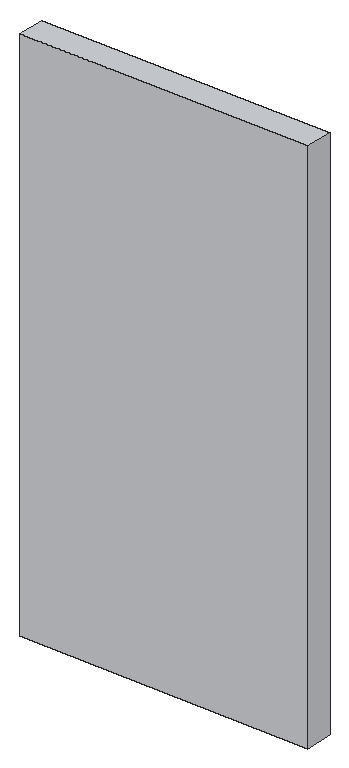
Revit family "Lighting_Fixture-Wall-Astro-Parma160 2700K", category Lighting Fixtures, host Face, Revit 2018
Family settings
  Host = Face
  Round Connector Dimension = Use Diameter
  Part Type = Normal
  OmniClass Number = 23.80.70.00
  OmniClass Title = Lighting
  Cut with Voids When Loaded = No
  Light Source = Yes
  Shared = No
  Room Calculation Point = No
Parameters (values of type "Type 1")
  Width = 70.0 mm
  Weight = "1.2 kg"
  Wattage Comments = "2x3w"
  Wattage = 6.4 W
  built-in parameter 1150110 = 1 (stored number, unit not read)
  Voltage = 230 V
  URL = "http://www.astrolighting.co.uk"
  Type Comments = "Includes LED driver"
  built-in parameter 1114217 = 1 (stored number, unit not read)
  Tilt Angle = 90.00°
  built-in parameter 1150109 = 1 (stored number, unit not read)
  built-in parameter 1150134 = (empty or 0)
  built-in parameter 1150113 = 1 (stored number, unit not read)
  Suitable for bathroom zone = "Zone 3"
  Wall Bracket Material = Astro - Steel - Chrome Finish
  Product Documentation = "http://www.astrolighting.co.uk/products/kw/Parma/0886_Parma-160"
  Photometric Web File = "GNC-19564  7598 - Parma LED 160 up-down light 2700K  ies.ies"
  Number of Poles = 1
  Mountable on normally flammable surfaces = "Yes"
  Model = "0886 Parma 160"
  Manufacturer = "Astro Lighting Ltd, CM20 2DP"
  Lumens = 153.6 lm
  Luminaire Lamp Efficiency Rating = "-A"
  built-in parameter 1150115 = 1 (stored number, unit not read)
  built-in parameter 1150105 = 12.223 (stored number, unit not read)
  Light Source From Wall = 320.0 mm
  Light Source Elevation = 1600.0 mm
  built-in parameter 1150137 = (empty or 0)
  built-in parameter 1150139 = (empty or 0)
  Length = 100.0 mm
  built-in parameter 1150112 = 1 (stored number, unit not read)
  built-in parameter 1150114 = 1 (stored number, unit not read)
  Lamp included = "Yes"
  Lamp = "LED"
  built-in parameter 1150132 = (empty or 0)
  built-in parameter 1150102 = (empty or 0)
  built-in parameter 1150138 = (empty or 0)
  built-in parameter 1150107 = 2700 (stored number, unit not read)
  built-in parameter 1150106 = 0.12223 (stored number, unit not read)
  IP Rating = "IP20"
  Height = 160.0 mm
  Heatsink Material = Astro - Aluminium - Anodised
  Energy Efficiency Rating = "-"
  built-in parameter 1150104 = 2.2297 (stored number, unit not read)
  Dimming Lamp Color Temperature Shift = <None>
  Dimmable = "No"
  Description = "Wall Light"
  Default Elevation [instance] = 1700.0 mm
  Color Filter = 16777215
  Class = 1
  Casing Material = Astro - Plaster - Natural
  built-in parameter 1114218 = 1 (stored number, unit not read)
  built-in parameter 1150133 = 10 (stored number, unit not read)
  Manufacturer Contact = "01279 427001"
  Apparent Load = 13.4 VA
Reference planes
  plane 1: y = -75
  plane 2 "Light Source Axis (L/R)": x = 125
  plane 3 "Light Source Axis (F/R)": y = 320
  plane 4 "Light Source Elevation": z = 1600
  plane 5: y = -150
  plane 6 "Center (Elevation)": z = 1600
  plane 7: z = 0
  plane 8 "Top": z = 1680
  plane 9 "Bottom": z = 1520
  plane 10 "Left": x = 160
  plane 11 "Right": x = 90
  plane 12 "Front": y = 100
  plane 13: y = 0
  plane 14: x = 100
  plane 15: x = 150
  plane 16: y = 90
Forms (mm)
  Extrusion 1, solid
    sketch origin (140, -150, 1500) x (0, 0, 1) y (1, 0, 0)
      loop
        line (-1500, -800) -> (1500, -800) -> (1500, 800) -> (-1500, 800) -> (-1500, -800)
    from 0 to 150
  Extrusion 2, solid, material "Astro - Plaster - Natural" <- "Casing Material"
    sketch origin (1573.638, 225, 1600) x (1, 0, 0) y (0, 1, 0)
      loop
        line (-1483.638, -125) -> (-1483.638, -225) -> (-1473.638, -225) -> (-1473.638, -135) -> (-1423.638, -135) -> (-1423.638, -225) -> (-1413.638, -225) -> (-1413.638, -125) -> (-1483.638, -125)
    from -80 to 80
  Extrusion 3, solid, material "Astro - Plaster - Natural" <- "Casing Material"
    sketch origin (125, 0, 0) x (0, 1, 0) y (0, 0, 1)
      loop
        line (35, 1652) -> (25, 1652) -> (25, 1548) -> (35, 1548) -> (35, 1652)
    from -35 to 35
  Extrusion 4, solid, material "Astro - Steel - Chrome Finish" <- "Wall Bracket Material"
    sketch origin (1573.638, 225, 1600) x (1, 0, 0) y (0, 1, 0)
      loop
        line (-1473.638, -200) -> (-1473.638, -225) -> (-1423.638, -225) -> (-1423.638, -200) -> (-1473.638, -200)
    from -52 to 52
  Extrusion 5, solid, material "Astro - Aluminium - Anodised" <- "Heatsink Material"
    sketch origin (125, 0, 0) x (0, 1, 0) y (0, 0, 1)
      loop
        line (35, 1651) -> (35, 1549) -> (37, 1549) -> (37, 1582)
        arc (37, 1582) -> (37.586, 1583.414) -> (39, 1584) r 2
        line (39, 1584) -> (87, 1584)
        arc (87, 1584) -> (88.414, 1584.586) -> (89, 1586) r 2
        line (89, 1586) -> (89, 1614)
        arc (89, 1614) -> (88.414, 1615.414) -> (87, 1616) r 2
        line (87, 1616) -> (39, 1616)
        arc (39, 1616) -> (37.586, 1616.586) -> (37, 1618) r 2
        line (37, 1618) -> (37, 1651) -> (35, 1651)
    from -23 to 23
  Extrusion 6, solid, material "Astro - Glass - Clear"
    sketch origin (125, 0, 0) x (0, 1, 0) y (0, 0, 1)
      loop
        line (87.705, 1626) -> (50.705, 1626) -> (50.705, 1624) -> (87.705, 1624) -> (87.705, 1626)
      loop
        line (87.705, 1576) -> (50.705, 1576) -> (50.705, 1574) -> (87.705, 1574) -> (87.705, 1576)
    from -21.5 to 21.5
  Extrusion 7, void
    sketch origin (1573.638, 225, 1600) x (0, 1, 0) y (1, 0, 0)
      loop
        line (102, -1458.638) -> (102, -1438.638) -> (88, -1438.638) -> (88, -1458.638) -> (102, -1458.638)
      loop
        arc (-181, -1443.638) -> (-184, -1440.638) -> (-187, -1443.638) r 3
        line (-187, -1443.638) -> (-187, -1453.638)
        arc (-187, -1453.638) -> (-184, -1456.638) -> (-181, -1453.638) r 3
        line (-181, -1453.638) -> (-181, -1443.638)
    from -16 to 16
Cuts and joins
  joined: Extrusion 2, Extrusion 3
  Extrusion 7 cuts Extrusion 5
  Extrusion 7 cuts Extrusion 6
Text (mm)
  text "Placement side" at (-1787.139, 1116.779, 0), in view "Ref. Level"
  text "Placement side" at (0, 2110.396, 2986.058), in view "Left"
  text "Placement side" at (0, 628.478, 3011.967), in view "Right"
Dimensions and locks
  equal spacing: plane 9 "Bottom", plane 6 "Center (Elevation)", plane 8 "Top"
  "Height": plane 9 "Bottom" to plane 8 "Top"
  equal spacing: plane 11 "Right", plane 2 "Light Source Axis (L/R)", plane 10 "Left"
  "Width": plane 11 "Right" to plane 10 "Left"
  locked: plane 1 to plane 13 at 75
  "Length": plane 12 "Front" to plane 13
  "Light Source From Wall": plane 3 "Light Source Axis (F/R)" to plane 13
  "Light Source Elevation": plane 7 to plane 4 "Light Source Elevation"
  locked: Extrusion 3 sketch curve to plane 13 at 25
  locked: Extrusion 3 sketch curve to plane 13 at 35
  locked: Extrusion 3 sketch curve to Extrusion 3 sketch curve at 104
  plane 6 "Center (Elevation)" to Extrusion 3 sketch curve = 52.0 mm
  locked: plane 6 "Center (Elevation)" to Extrusion 3 sketch curve at 52
  locked: Extrusion 4 sketch curve to plane 1 at 75
  locked: plane 1 to Extrusion 4 sketch curve at 100
  locked: Extrusion 4 sketch curve to plane 10 "Left" at 10
  locked: plane 11 "Right" to Extrusion 4 sketch curve at 10
  locked: Extrusion 5 sketch curve to plane 1 at 112  (x2)
  locked: plane 9 "Bottom" to Extrusion 5 sketch curve at 29
  locked: plane 8 "Top" to Extrusion 5 sketch curve at 29
  locked: Extrusion 5 sketch curve to plane 1 at 164
  locked: plane 8 "Top" to Extrusion 5 sketch curve at 64
  locked: plane 9 "Bottom" to Extrusion 5 sketch curve at 64
  Extrusion 5 to plane 2 "Light Source Axis (L/R)" to Extrusion 5 = 23.0 mm locked, 23.0 mm locked
  locked: Extrusion 6 sketch curve to plane 8 "Top" at 54
  locked: Extrusion 6 sketch curve to plane 9 "Bottom" at 54
  locked: plane 9 "Bottom" to Extrusion 6 sketch curve at 56
  locked: plane 8 "Top" to Extrusion 6 sketch curve at 56
  locked: Extrusion 6 to Extrusion 6 at 37
  equal spacing: Extrusion 6, plane 2 "Light Source Axis (L/R)", Extrusion 6
  locked: Extrusion 6 to Extrusion 6 at 43
  locked: plane 12 "Front" to Extrusion 6 at 12.295
  locked: Extrusion 7 sketch curve to plane 13 at 41
  Extrusion 7 sketch curve to plane 2 "Light Source Axis (L/R)" to Extrusion 7 sketch curve = 5.0 mm locked, 5.0 mm locked
  Extrusion 7 sketch curve to plane 2 "Light Source Axis (L/R)" to Extrusion 7 sketch curve = 10.0 mm locked, 10.0 mm locked
  Extrusion 7 sketch curve to plane 3 "Light Source Axis (F/R)" to Extrusion 7 sketch curve = 7.0 mm, 7.0 mm
  locked: plane 11 "Right" to plane 14 at 10
  locked: plane 15 to plane 10 "Left" at 10
  locked: plane 12 "Front" to plane 16 at 10
  aligned and locked: plane 4 "Light Source Elevation" to imposter light
  aligned and locked: Extrusion 2 sketch curve to plane 12 "Front"
  aligned and locked: Extrusion 2 sketch curve to plane 11 "Right"
  aligned and locked: plane 13 to Extrusion 2 sketch curve
  aligned and locked: plane 10 "Left" to Extrusion 2 sketch curve
  aligned and locked: Extrusion 2 to plane 9 "Bottom"
  aligned and locked: plane 8 "Top" to Extrusion 2
  aligned and locked: plane 11 "Right" to Extrusion 3
  aligned and locked: Extrusion 3 to plane 10 "Left"
  aligned and locked: Extrusion 4 to cut or joined group of Extrusion 2, Extrusion 3
  aligned and locked: cut or joined group of Extrusion 2, Extrusion 3 to Extrusion 4
  aligned and locked: Extrusion 7 to Extrusion 5  (x2)
  aligned and locked: Extrusion 2 sketch curve to plane 16
  aligned and locked: plane 14 to Extrusion 2 sketch curve
  aligned and locked: Extrusion 2 sketch curve to plane 15
Automatic sketch dimensions
  Extrusion 1 sketch curve to Extrusion 1 sketch curve = 3000.0 mm
  Extrusion 1 sketch curve to Extrusion 1 sketch curve = 1600.0 mm
  Extrusion 5 sketch curve to Extrusion 5 sketch curve = 2.0 mm  (x5)
  plane 13 to Extrusion 6 sketch curve = 50.705 mm  (x2)
  Extrusion 6 sketch curve to plane 12 "Front" = 12.295 mm  (x2)
  Extrusion 2 sketch curve to plane 13 = 0.0 mm
  Extrusion 7 sketch curve to Extrusion 7 sketch curve = 3.0 mm
